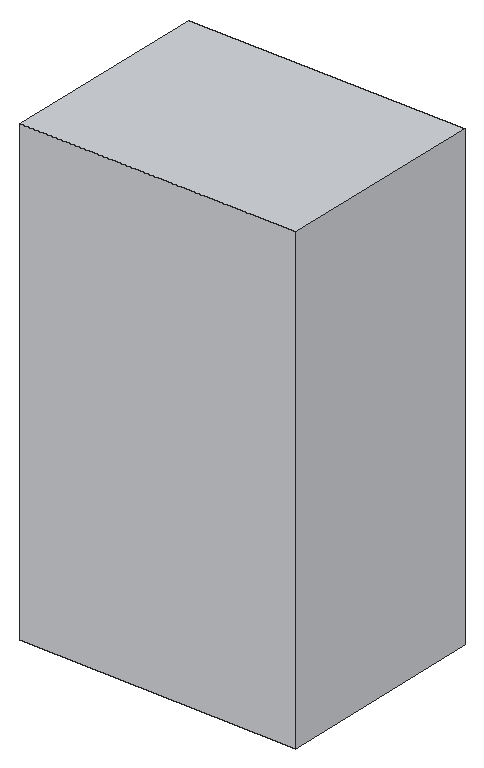
Revit family
Parameters
  Warranty Duration (Years) = 0
  Unit Length [instance] = 1' - 8"
  URL = "http://www.americanspecialties.com/viewCategories.cfm"
  Body Material [instance] = Stainless Steel
  Test Data = ""
  Trim Material [instance] = none
  Specification = "http://www.arcat.com/sdspecs/htm/10810asi.htm"
  SpecWizard = ""
  Send Message = "http://www.arcat.com/users.pl?action=UserEmail&company=American%20Specialties,%20Inc.&coid=30448&rep=139&fax=914-476-0688&mf="
  Sales Information = "http://www.americanspecialties.com/contact"
  Revision = "R1_10-2010"
  Product Properties = "http://www.americanspecialties.com/datasheets/7311-20-24.pdf"
  Product Data = "http://www.arcat.com/arcatcos/cos30/arc30448.html"
  Model = "As Specified in 10 28 13"
  Manufacturer Website = "http://www.americanspecialties.com/viewCategories.cfm"
  Manufacturer Phone - Toll Free = ""
  Manufacturer Phone = "914-476-9000 "
  Manufacturer Fax = "914-476-0688"
  Manufacturer Address = "441 Saw Mill River Rd., Yonkers, NY 10701"
  Manufacturer = "American Specialties, Inc."
  Maintenance Schedule (Months) = 0
  Keynote = "10 28 13"
  Installation-Fabrication = "http://www.americanspecialties.com/products.cfm"
  Green Building-LEED = ""
  Expected Lifespan (Years) = 0
  Drawn By = "Robert S. Weygant. CSI, CDT, SCIP"  # constant formula
  Description = "Toilet Accessory as Specified in 10 28 13"
  Default Elevation = 4' - 0"
  Copyright = "©Arcat Inc."
  Construction Details = "http://www.arcat.com/green/clients/leed_data_30448.html"
  Building Codes = "http://www.americanspecialties.com/products.cfm"
  Assembly Code = "C1030210"
Reference planes (in)
  plane 1 "Center (Front/Back)": y = -0.29112
  plane 2 "Floor Line": z = 0
  plane 3 "Center (Left/Right)": x = -0.65843
  plane 4: x = -10.65843
  plane 5: x = 9.34157
  plane 6: z = 8
  plane 7: z = 0.125
  plane 8: z = 6.5
  plane 9: y = 2.95888
  plane 10: y = -3.54112
  plane 11: y = 2.20888
  plane 12: y = -2.79112
  plane 13: z = 0.0625
Forms (in)
  Extrusion 1, solid
    sketch origin (-3, -9, -6) x (0, 0, -1) y (1, 0, 0)
      loop
        line (-82, 26) -> (-82, -19.34712) -> (-6, -19.34712) -> (-6, 26) -> (-82, 26)
    from 9 to -25.60721
  Extrusion 2, solid, material "Stainless Steel" <- "Body Material"
    sketch origin (4.0073, 1.98146, 0) x (1, 0, 0) y (0, 1, 0)
      loop
        line (-15.41573, 0.22742) -> (-15.41573, -4.77258)
        arc (-15.41573, -4.77258) -> (-14.66573, -5.52258) -> (-13.91573, -4.77258) r 0.75
        line (-13.91573, -4.77258) -> (-13.91573, 0.22742)
        arc (-13.91573, 0.22742) -> (-14.66573, 0.97742) -> (-15.41573, 0.22742) r 0.75
    from 0 to 0.0625
  Extrusion 3, solid, material "Stainless Steel" <- "Body Material"
    sketch origin (-0.65843, 2.5, 1) x (0, 1, 0) y (0, 0, 1)
      loop
        circle (-0.29112, 5.3125) r 0.1875
      loop
        circle (-0.29112, 3) r 0.1875
      loop
        circle (-0.29112, 1) r 0.1875
    from -10 to 10
  Extrusion 4, solid, material "Stainless Steel" <- "Body Material"
    sketch origin (-5.32416, 1.98146, 0) x (-1, 0, 0) y (0, -1, 0)
      loop
        arc (-15.41573, -0.22742) -> (-14.66573, -0.97742) -> (-13.91573, -0.22742) r 0.75
        line (-13.91573, -0.22742) -> (-13.91573, 4.77258)
        arc (-13.91573, 4.77258) -> (-14.66573, 5.52258) -> (-15.41573, 4.77258) r 0.75
        line (-15.41573, 4.77258) -> (-15.41573, -0.22742)
    from 0 to 0.0625
  Sweep 5, solid, material "Stainless Steel" <- "Body Material"
    path origin (0, -0.29112, 0) x (1, 0, 0) y (0, 0, 1)
      loop
        line (-10.65843, 0.125) -> (-10.65843, 7)
        arc (-10.65843, 7) -> (-10.36554, 7.70711) -> (-9.65843, 8) r 1
        line (-9.65843, 8) -> (8.34157, 8)
        arc (8.34157, 8) -> (9.04867, 7.70711) -> (9.34157, 7) r 1
        line (9.34157, 7) -> (9.34157, 0)
    profile origin (-10.65843, -0.29112, 3.5625) x (-1, 0, 0) y (0, -1, 0)
      loop
        circle (0, -2.5) r 0.375
  Sweep 6, solid, material "Stainless Steel" <- "Body Material"
    path origin (0, -0.29112, -2.75) x (1, 0, 0) y (0, 0, -1)
      loop
        line (-10.65843, -2.75) -> (-10.65843, -7.125)
        arc (-10.65843, -7.125) -> (-10.36554, -7.83211) -> (-9.65843, -8.125) r 1
        line (-9.65843, -8.125) -> (8.34157, -8.125)
        arc (8.34157, -8.125) -> (9.04867, -7.83211) -> (9.34157, -7.125) r 1
        line (9.34157, -7.125) -> (9.34157, -2.75)
    profile origin (-10.65843, -0.29112, 2.1875) x (1, 0, 0) y (0, 1, 0)
      loop
        circle (0, -2.5) r 0.375
  Extrusion 7, solid, material "Stainless Steel" <- "Body Material"
    sketch origin (0, 0, 0) x (1, 0, 0) y (0, 1, 0)
      loop
        line (-11.15843, 2.20888) -> (-11.15843, -2.79112)
        arc (-11.15843, -2.79112) -> (-10.65843, -3.29112) -> (-10.15843, -2.79112) r 0.5
        line (-10.15843, -2.79112) -> (-10.15843, 2.20888)
        arc (-10.15843, 2.20888) -> (-10.65843, 2.70888) -> (-11.15843, 2.20888) r 0.5
    from 0 to 0.125
  Extrusion 8, solid, material "Stainless Steel" <- "Body Material"
    sketch origin (-1.31687, 0, 0) x (-1, 0, 0) y (0, -1, 0)
      loop
        arc (-11.15843, -2.20888) -> (-10.65843, -2.70888) -> (-10.15843, -2.20888) r 0.5
        line (-10.15843, -2.20888) -> (-10.15843, 2.79112)
        arc (-10.15843, 2.79112) -> (-10.65843, 3.29112) -> (-11.15843, 2.79112) r 0.5
        line (-11.15843, 2.79112) -> (-11.15843, -2.20888)
    from 0 to 0.125
Dimensions and locks (in)
  equal spacing: plane 5, plane 3 "Center (Left/Right)", plane 4
  "Unit Length": plane 5 to plane 4
  aligned and locked: Extrusion 3 to plane 4
  aligned and locked: plane 5 to Extrusion 3
  aligned and locked: Sweep 5 sketch curve to plane 6
  aligned and locked: plane 4 to Extrusion 3
  aligned and locked: level to Sweep 6 sketch curve  (x2)
  aligned and locked: plane 13 to Extrusion 2
  aligned and locked: plane 13 to Extrusion 4
  aligned and locked: Extrusion 7 to level
  aligned and locked: plane 7 to Extrusion 7
  aligned and locked: plane 7 to Extrusion 8
Automatic sketch dimensions
  Extrusion 1 sketch curve to Extrusion 1 sketch curve = 6' - 4"
  Extrusion 1 sketch curve to Extrusion 1 sketch curve = 3' - 9.34712"
  Extrusion 2 sketch curve to plane 11 = 0' - 0"
  Extrusion 2 sketch curve to plane 12 = 0' - 0"
  Extrusion 2 sketch curve to plane 4 = 0' - 0"
  Extrusion 3 sketch curve to plane 11 = 0' - 0"  (x3)
  plane 7 to Extrusion 3 sketch curve = 0' - 1 7/8"
  Extrusion 3 sketch curve to Extrusion 3 sketch curve = 0' - 2"
  Extrusion 3 sketch curve to plane 8 = 0' - 0 3/16"
  Extrusion 4 sketch curve to plane 11 = 0' - 0"
  Extrusion 4 sketch curve to plane 12 = 0' - 0"
  Extrusion 4 sketch curve to plane 5 = 0' - 0"
  Sweep 5 sketch curve to plane 4 = 0' - 0"
  Sweep 5 sketch curve to level = 0' - 0"
  Sweep 5 sketch curve to plane 5 = 0' - 0"
  Sweep 5 sketch curve to plane 7 = 0' - 0"
  plane 8 to Sweep 5 sketch curve = 0' - 0 1/2"
  Sweep 5 sketch curve to profile plane = 0' - 0"
  Sweep 5 sketch curve to plane 1 "Center (Front/Back)" = 0' - 2 1/2"
  Sweep 6 sketch curve to plane 4 = 0' - 0"
  Sweep 6 sketch curve to plane 5 = 0' - 0"
  Sweep 6 sketch curve to plane 8 = 0' - 2 1/8"
  Sweep 6 sketch curve to profile plane = 0' - 0"
  Sweep 6 sketch curve to profile plane = 0' - 2 1/2"
  Extrusion 7 sketch curve to plane 11 = 0' - 0"
  Extrusion 7 sketch curve to plane 12 = 0' - 0"
  Extrusion 7 sketch curve to plane 4 = 0' - 0"
  Extrusion 8 sketch curve to plane 11 = 0' - 0"
  Extrusion 8 sketch curve to plane 12 = 0' - 0"
  Extrusion 8 sketch curve to plane 5 = 0' - 0"
  Extrusion 2 sketch curve to plane 4 = 0' - 0 3/4"
  Extrusion 7 sketch curve to Extrusion 7 sketch curve = 0' - 0 1/2"
  plane 4 to Sweep 5 sketch curve = 0' - 1"
  plane 4 to Sweep 6 sketch curve = 0' - 1"
  Extrusion 4 sketch curve to plane 5 = 0' - 0 3/4"
  Extrusion 8 sketch curve to plane 5 = 0' - 0 1/2"
  Sweep 6 sketch curve to plane 5 = 0' - 1"
  radius of Extrusion 3 sketch curve = 0' - 0 3/16"  (x3)
  radius of Sweep 5 sketch curve = 0' - 0 3/8"
  radius of Sweep 6 sketch curve = 0' - 0 3/8"
